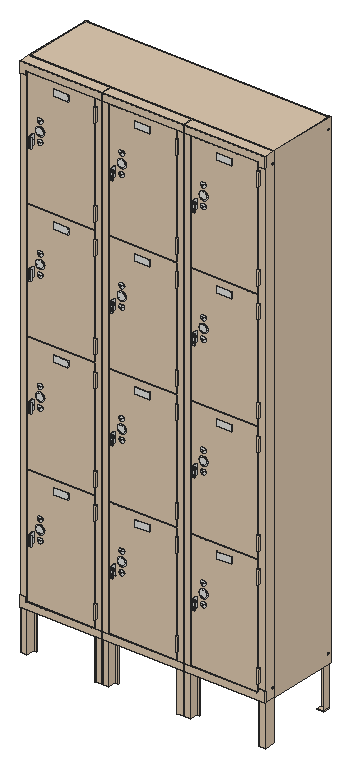
Revit family "Metal_Vented_Lockers-Salsbury_Industries-74000_Series-3_Wide_Units", category Specialty Equipment, Revit 2016
Family settings
  Part Type = Normal
  Round Connector Dimension = Use Diameter
  OmniClass Number = 23.40.00.00
  OmniClass Title = Equipment and Furnishings
  Work Plane-Based = No
  Always vertical = Yes
  Cut with Voids When Loaded = No
  Shared = No
  Room Calculation Point = No
Parameters (values of type "74362 - with Standard 6" High Legs")
  Zee Base Corner - Right Side [instance] = Metal Locker Zee Base Corner : None
  Zee Base Corner - Left Side [instance] = Metal Locker Zee Base Corner : None
  Zee Base - Right Side [instance] = Metal Locker Zee Base-Right Side : None
  Zee Base - Left Side [instance] = Metal Locker Zee Base-Left Side : None
  Zee Base = Metal Locker Zee Base - 3 Wide : None
  Width = 36.040"
  Version = "2.0 (01/30/18)"
  Vent Offset = if(Depth = 12.010", 3.250", if(Depth = 15.010", 3.500", if(Depth = 18.010", 3.750", 0.000")))  # 3.250"
  Vent Configuration Height = Vents : 6 foot high vents
  Vent Array Spacing = 1.187"
  Vent Array 2 = if(Depth = 12.010", 5, if(Depth = 15.010", 7, if(Depth = 18.010", 9, 0)))  # 5
  Vent Array 1 = Vent Array 2 + 1  # 6
  Unit Height including Sloping Hood Only [instance] = 78.625"
  Unit Height = 72.000"
  URL = "www.lockers.com"
  Type Comments = "12\" Wide Vented Metal Locker - Four Tier"
  Total Door(s) Height [instance] = 69.81949"
  Sloping Top In-Line Filler - Right Side [instance] = Metal Locker Sloping Top Filler : None
  Sloping Top In-Line Filler - Left Side [instance] = Metal Locker Sloping Top Filler : None
  Sloping Top Corner Filler - Right Side [instance] = Metal Locker Sloping Corner Filler : None
  Sloping Top Corner Filler - Left Side [instance] = Metal Locker Sloping Corner Filler : None
  Sloping Hood Height = if(Depth = 12.010", 6.625", if(Depth = 15.010", 8.682", if(Depth = 18.010", 10.739", 0.000")))  # 6.625"
  Sloping Hood [instance] = Metal Locker Sloping Hood : None
  Compartment Divider Height = Individual Door Height - 0.375"  # 16.985"
  Right Side Base [instance] = Metal Locker Right Side Base : None
  Primary Structure Material [instance] = Steel - Salsbury Finish = Tan
  Overall Width including Rivets [instance] = 36.120"
  Unit Height including Base Only [instance] = 78.000"
  Overall Unit Height (including Base and Sloping Hood) [instance] = 84.625"
  OmniClass 23 Title = "Equipment and Furnishings"
  OmniClass 23 Number = "23.40.00.00"
  Model = "74362"
  MasterFormat Title = "Lockers"
  MasterFormat Number = "10 51 13"
  Manufacturer = "Salsbury Industries"
  Left Side Base [instance] = Metal Locker Left Side Base : None
  Individual Door Height = 17.360"
  Hasp Plate Rivet Material = Steel -Salsbury Finish =  Polished Steel
  Hasp Handle Material = Plastic - Salsbury Finish - Black
  Front Vertical Filler - Right [instance] = Metal Locker Front Filler : None
  Front Vertical Filler - Left [instance] = Metal Locker Front Filler : None
  Front Base [instance] = Metal Locker Front Base : None
  Flat Top In-Line Filler - Right Side [instance] = Metal Locker Flat Top Filler : None
  Flat Top In-Line Filler - Left Side [instance] = Metal Locker Flat Top Filler : None
  Flat Top Corner Filler - Right Side [instance] = Metal Locker Flat Corner Filler : None
  Flat Top Corner Filler - Left Side [instance] = Metal Locker Flat Corner Filler : None
  Individual Door Width [instance] = 33.90055"
  End Panel - Right Side [instance] = Metal Locker End Panel : None
  End Panel - Left Side [instance] = Metal Locker End Panel : None
  Door Location D1 = Vented Metal Locker Doors-12 inch with Latch Hasps : Four Tier Door - 6 foot
  Description = "3 Wide - 6 Feet High - 12 Inches Deep"
  Depth = 12.010"
  Base Height = 6.000"
  Standard Leg Base = Metal Locker Legs - 3 Wide : 6" High - 36" W x 12" D
  Assembly Code = "C1030310"
Reference planes (in)
  plane 1 "Center (Front/Back)": y = 0
  plane 2: z = 0
  plane 3 "Center (Left/Right)": x = 0
  plane 4 "Floor": z = 0
  plane 5 "Bottom of Unit": z = 6
  plane 6 "Top of Unit": z = 78
  plane 7 "Left Side of Unit": x = -18.02
  plane 8 "Right Side of Unit": x = 18.02
  plane 9 "Back of Unit": y = 6.005
  plane 10 "Front of Unit": y = -6.005
  plane 11 "Top of Sloping Hood": z = 84.625
  plane 12 "Left Rivet": x = -18.06
  plane 13 "Right Rivet": x = 18.06
  plane 14 "Right Side of Door Opening": x = 17.02
  plane 15 "Left Side of Door Opening": x = -17.02
  plane 16 "Top of Door Opening": z = 77
  plane 17 "Bottom of Door Opening": z = 7
  plane 18 "Back Edge of Front Facing": y = -4.417
  plane 19 "Front Plate Plane": y = -6.065
  plane 20 "Horizontal Center of Top Rivets": z = 76.5
  plane 21 "Horiz Center of Bottom Rivets": z = 7.5
  plane 22 "Vertical Center of Back Rivets": y = 5.505
  plane 23 "Vertical Center of Front Rivets": y = -4.755
  plane 24 "Right Align Top Filler Overlap": x = 17.435
  plane 25 "Left Align Top Filler Overlap": x = -17.435
  plane 26 "Corner Filler Align-Left": x = -18.08
  plane 27 "Corner Filler Align-Right": x = 18.08
  plane 28 "Right Side of Door": x = 16.95026
  plane 29 "Top of Door 1": z = 76.90976
  plane 30 "Bottom of Bottom Door": z = 7.09027
  plane 31 "Zee Base Offset": x = -17.669
  plane 32: x = 17.669
  plane 33 "Compartment Align 3": z = 24.985
  plane 34: x = -17.96
  plane 35: x = 17.96
  plane 36: x = -17.635
  plane 37: x = 17.635
  plane 38: y = 5.945
  plane 39: y = 5.895
  plane 40: y = 5.145
  plane 41: x = -17.9
  plane 42: x = 17.9
  plane 43: x = -17.095
  plane 44: x = 17.095
  plane 45: z = 77.94
  plane 46: z = 24.925
  plane 47: z = 23.985
  plane 48: z = 6.9204
  plane 49: z = 6.18539
  plane 50: z = 76.40796
  plane 51: z = 7.59204
  plane 52 "Right Side of Center Unit": x = 6.00667
  plane 53 "Left Side of Center Unit": x = -6.00667
  plane 54: x = 6.98167
  plane 55 "Left Side of Door Opening-Right Door": x = 7.00667
  plane 56: x = 5.03167
  plane 57 "Right Side of Door Opening-Center Door": x = 5.00667
  plane 58 "Right Side of Door - Center Door": x = 4.93667
  plane 59: x = -5.03167
  plane 60 "Left Side of Door Opening - Center Door": x = -5.00667
  plane 61: x = -6.98167
  plane 62 "Right Side of Door Opening - Left Door": x = -7.00667
  plane 63 "Right Side of Door - Left Door": x = -7.07667
  plane 64: z = 23.985
  plane 65 "Top of Door Row 3": z = 24.45027
  plane 66 "Bottom of Door Row 2": z = 24.57576
  plane 67 "Top of Door Row 2": z = 41.93576
  plane 68: z = 42.06276
  plane 69 "Compartment Align 2": z = 42.43527
  plane 70: z = 42.37527
  plane 71: z = 41.43527
  plane 72: z = 53.22076
  plane 73: z = 59.42276
  plane 74: z = 59.54976
  plane 75: z = 58.92076
  plane 76: z = 59.86076
  plane 77 "Compartment Align 1": z = 59.92076
  plane 78: z = 70.70625
  plane 79 "Front Vent Align": y = -2.755
  plane 80: y = -2.385
  plane 81: y = -1.791
  plane 82 "Top Vent Align": z = 73.562
  plane 83: z = 72.81
  plane 84: z = 71.97
Forms (in)
  Sweep 1, solid, material "Steel - Salsbury Finish = Tan" <- "Primary Structure Material"
    path origin (0, -6.005, 0) x (1, 0, 0) y (0, 0, 1)
      loop
        line (6.00667, 78) -> (6.00667, 6) -> (18.02, 6) -> (18.02, 78) -> (6.00667, 78)
    profile origin (12.01333, -6.005, 78) x (0, 0, 1) y (0, -1, 0)
      loop
        line (0, 0) -> (-1, 0) -> (-1, -1.588) -> (0, -1.588) -> (0, 0)
  Extrusion 2, solid, material "Steel - Salsbury Finish = Tan" <- "Primary Structure Material"
    sketch origin (0, 0, 6) x (0, -1, 0) y (1, 0, 0)
      loop
        line (4.417, 18.02) -> (-6.005, 18.02) -> (-6.005, 17.635) -> (-5.945, 17.635) -> (-5.945, 17.96) -> (4.417, 17.96) -> (4.417, 18.02)
    from 0 to 72
  Extrusion 3, solid, material "Steel - Salsbury Finish = Tan" <- "Primary Structure Material"
    sketch origin (0, 0, 6) x (0, -1, 0) y (1, 0, 0)
      loop
        line (4.417, -18.02) -> (4.417, -17.96) -> (-5.945, -17.96) -> (-5.945, -17.635) -> (-6.005, -17.635) -> (-6.005, -18.02) -> (4.417, -18.02)
    from 0 to 72
  Extrusion 4, solid, material "Steel - Salsbury Finish = Tan" <- "Primary Structure Material"
    sketch origin (0, 0, 6) x (0, -1, 0) y (1, 0, 0)
      loop
        line (-5.945, -17.96) -> (-5.145, -17.96) -> (-5.145, -17.9) -> (-5.895, -17.9) -> (-5.895, 17.9) -> (-5.145, 17.9) -> (-5.145, 17.96) -> (-5.945, 17.96) -> (-5.945, -17.96)
    from 0 to 72
  Sweep 5, solid, material "Steel - Salsbury Finish = Tan" <- "Primary Structure Material"
    path origin (0, 0, 7) x (0, -1, 0) y (1, 0, 0)
      loop
        line (4.417, -17.96) -> (4.417, 17.96) -> (-5.145, 17.96) -> (-5.145, 17.9) -> (-5.895, 17.9) -> (-5.895, -17.9) -> (-5.145, -17.9) -> (-5.145, -17.96) -> (4.417, -17.96)
    profile origin (-17.96, 0.364, 7) x (-1, 0, 0) y (0, 0, 1)
      loop
        line (0, -0.81461) -> (0, -0.0796) -> (-0.06, -0.0796) -> (-0.06, -0.81461) -> (0, -0.81461)
  Extrusion 6, solid, material "Steel - Salsbury Finish = Tan" <- "Primary Structure Material"
    sketch origin (0, 0, 7) x (0, -1, 0) y (1, 0, 0)
      loop
        line (-5.895, -17.9) -> (-5.145, -17.9) -> (-5.145, -17.96) -> (4.417, -17.96) -> (4.417, 17.96) -> (-5.145, 17.96) -> (-5.145, 17.9) -> (-5.895, 17.9) -> (-5.895, -17.9)
    from -0.0796 to 0
  Extrusion 7, solid, material "Steel - Salsbury Finish = Tan" <- "Primary Structure Material"
    sketch origin (0, 0, 78) x (0, -1, 0) y (1, 0, 0)
      loop
        line (-5.895, -17.9) -> (-5.145, -17.9) -> (-5.145, -17.96) -> (4.417, -17.96) -> (4.417, 17.96) -> (-5.145, 17.96) -> (-5.145, 17.9) -> (-5.895, 17.9) -> (-5.895, -17.9)
    from -0.06 to 0
  Extrusion 8, solid, material "Steel - Salsbury Finish = Tan" <- "Primary Structure Material"
    sketch origin (0, -6.065, 0) x (0, 0, -1) y (1, 0, 0)
      loop
        line (-78, -18.02) -> (-76.47656, -18.02)
        arc (-76.47656, -18.02) -> (-76.42806, -17.99991) -> (-76.40796, -17.9514) r 0.0686
        line (-76.40796, -17.9514) -> (-76.40796, -17.16351)
        arc (-76.40796, -17.16351) -> (-76.42809, -17.11506) -> (-76.47656, -17.095) r 0.0686
        line (-76.47656, -17.095) -> (-77, -17.095) -> (-77, 17.095) -> (-76.47656, 17.095)
        arc (-76.47656, 17.095) -> (-76.42809, 17.11506) -> (-76.40796, 17.16351) r 0.0686
        line (-76.40796, 17.16351) -> (-76.40796, 17.9514)
        arc (-76.40796, 17.9514) -> (-76.42806, 17.99991) -> (-76.47656, 18.02) r 0.0686
        line (-76.47656, 18.02) -> (-78, 18.02) -> (-78, -18.02)
    from -0.06 to 0
  Extrusion 9, solid, material "Steel - Salsbury Finish = Tan" <- "Primary Structure Material"
    sketch origin (0, -6.065, 84) x (0, 0, 1) y (-1, 0, 0)
      loop
        line (-78, 18.02) -> (-78, -18.02) -> (-76.47656, -18.02)
        arc (-76.47656, -18.02) -> (-76.42806, -17.99991) -> (-76.40796, -17.9514) r 0.0686
        line (-76.40796, -17.9514) -> (-76.40796, -17.16351)
        arc (-76.40796, -17.16351) -> (-76.42809, -17.11506) -> (-76.47656, -17.095) r 0.0686
        line (-76.47656, -17.095) -> (-77, -17.095) -> (-77, 17.095) -> (-76.47656, 17.095)
        arc (-76.47656, 17.095) -> (-76.42809, 17.11506) -> (-76.40796, 17.16351) r 0.0686
        line (-76.40796, 17.16351) -> (-76.40796, 17.9514)
        arc (-76.40796, 17.9514) -> (-76.42806, 17.99991) -> (-76.47656, 18.02) r 0.0686
        line (-76.47656, 18.02) -> (-78, 18.02)
    from -0.06 to 0
  Blend 10, solid, material "Steel -Salsbury Finish =  Polished Steel" <- "Hasp Plate Rivet Material"
    base sketch origin (18.02, 0, 0) x (0, 0, -1) y (0, -1, 0)
      loop
        circle (-76.5, 4.755) r 0.187
    top sketch origin (18.02, 0, 0) x (0, 0, -1) y (0, -1, 0)
      loop
        circle (-76.5, 4.755) r 0.05319
    from 0 to -0.04
  Blend 11, solid, material "Steel -Salsbury Finish =  Polished Steel" <- "Hasp Plate Rivet Material"
    base sketch origin (18.02, 0, -69) x (0, 0, -1) y (0, -1, 0)
      loop
        circle (-76.5, 4.755) r 0.187
    top sketch origin (18.02, 0, -69) x (0, 0, -1) y (0, -1, 0)
      loop
        circle (-76.5, 4.755) r 0.05319
    from 0 to -0.04
  Blend 12, solid, material "Steel -Salsbury Finish =  Polished Steel" <- "Hasp Plate Rivet Material"
    base sketch origin (18.02, 10.26, -69) x (0, 0, -1) y (0, -1, 0)
      loop
        circle (-76.5, 4.755) r 0.187
    top sketch origin (18.02, 10.26, -69) x (0, 0, -1) y (0, -1, 0)
      loop
        circle (-76.5, 4.755) r 0.05319
    from 0 to -0.04
  Blend 13, solid, material "Steel -Salsbury Finish =  Polished Steel" <- "Hasp Plate Rivet Material"
    base sketch origin (18.02, 10.26, 0.0043) x (0, 0, -1) y (0, -1, 0)
      loop
        circle (-76.5, 4.755) r 0.187
    top sketch origin (18.02, 10.26, 0.0043) x (0, 0, -1) y (0, -1, 0)
      loop
        circle (-76.5, 4.755) r 0.05319
    from 0 to -0.04
  Blend 14, solid, material "Steel -Salsbury Finish =  Polished Steel" <- "Hasp Plate Rivet Material"
    base sketch origin (-6.02, 0, -69) x (0, 0, -1) y (0, 1, 0)
      loop
        circle (-76.5, -4.755) r 0.187
    top sketch origin (-6.02, 0, -69) x (0, 0, -1) y (0, 1, 0)
      loop
        circle (-76.5, -4.755) r 0.05319
    from -12 to -12.04
  Blend 15, solid, material "Steel -Salsbury Finish =  Polished Steel" <- "Hasp Plate Rivet Material"
    base sketch origin (-6.02, 10.26, -69) x (0, 0, -1) y (0, 1, 0)
      loop
        circle (-76.5, -4.755) r 0.187
    top sketch origin (-6.02, 10.26, -69) x (0, 0, -1) y (0, 1, 0)
      loop
        circle (-76.5, -4.755) r 0.05319
    from -12 to -12.04
  Blend 16, solid, material "Steel -Salsbury Finish =  Polished Steel" <- "Hasp Plate Rivet Material"
    base sketch origin (-6.02, 0, 0) x (0, 0, -1) y (0, 1, 0)
      loop
        circle (-76.5, -4.755) r 0.187
    top sketch origin (-6.02, 0, 0) x (0, 0, -1) y (0, 1, 0)
      loop
        circle (-76.5, -4.755) r 0.05319
    from -12 to -12.04
  Blend 17, solid, material "Steel -Salsbury Finish =  Polished Steel" <- "Hasp Plate Rivet Material"
    base sketch origin (-6.02, 10.26, 0.00039) x (0, 0, -1) y (0, 1, 0)
      loop
        circle (-76.5, -4.755) r 0.187
    top sketch origin (-6.02, 10.26, 0.00039) x (0, 0, -1) y (0, 1, 0)
      loop
        circle (-76.5, -4.755) r 0.05319
    from -12 to -12.04
  Extrusion 18, solid, material "Steel - Salsbury Finish = Tan" <- "Primary Structure Material"
    sketch origin (0, 0, 24.985) x (0, -1, 0) y (1, 0, 0)
      loop
        line (-5.895, -17.9) -> (-5.145, -17.9) -> (-5.145, -17.96) -> (4.417, -17.96) -> (4.417, 17.96) -> (-5.145, 17.96) -> (-5.145, 17.9) -> (-5.895, 17.9) -> (-5.895, -17.9)
    from -0.06 to 0
  Sweep 19, solid, material "Steel - Salsbury Finish = Tan" <- "Primary Structure Material"
    path origin (0, 0, 24.985) x (0, -1, 0) y (1, 0, 0)
      loop
        line (4.417, -17.96) -> (4.417, 17.96) -> (-5.145, 17.96) -> (-5.145, 17.9) -> (-5.895, 17.9) -> (-5.895, -17.9) -> (-5.145, -17.9) -> (-5.145, -17.96) -> (4.417, -17.96)
    profile origin (-17.96, 0.364, 24.985) x (-1, 0, 0) y (0, 0, 1)
      loop
        line (0, -1) -> (0, -0.06) -> (-0.06, -0.06) -> (-0.06, -1) -> (0, -1)
  Sweep 20, solid, material "Steel - Salsbury Finish = Tan" <- "Primary Structure Material"
    path origin (-12.01333, -6.005, 0) x (1, 0, 0) y (0, 0, 1)
      loop
        line (6.00667, 78) -> (6.00667, 6) -> (18.02, 6) -> (18.02, 78) -> (6.00667, 78)
    profile origin (0, -6.005, 78) x (0, 0, 1) y (0, -1, 0)
      loop
        line (0, 0) -> (-1, 0) -> (-1, -1.588) -> (0, -1.588) -> (0, 0)
  Sweep 21, solid, material "Steel - Salsbury Finish = Tan" <- "Primary Structure Material"
    path origin (-24.02667, -6.005, 0) x (1, 0, 0) y (0, 0, 1)
      loop
        line (6.00667, 78) -> (6.00667, 6) -> (18.02, 6) -> (18.02, 78) -> (6.00667, 78)
    profile origin (-12.01333, -6.005, 78) x (0, 0, 1) y (0, -1, 0)
      loop
        line (0, 0) -> (-1, 0) -> (-1, -1.588) -> (0, -1.588) -> (0, 0)
  Extrusion 22, solid, material "Steel - Salsbury Finish = Tan" <- "Primary Structure Material"
    sketch origin (0, 0, 42.43527) x (0, -1, 0) y (1, 0, 0)
      loop
        line (-5.945, -17.9) -> (-5.145, -17.9) -> (-5.145, -17.96) -> (4.417, -17.96) -> (4.417, 17.96) -> (-5.145, 17.96) -> (-5.145, 17.9) -> (-5.945, 17.9) -> (-5.945, -17.9)
    from -0.06 to 0
  Sweep 23, solid, material "Steel - Salsbury Finish = Tan" <- "Primary Structure Material"
    path origin (0, 0, 42.43527) x (0, -1, 0) y (1, 0, 0)
      loop
        line (4.417, -17.96) -> (4.417, 17.96) -> (-5.145, 17.96) -> (-5.145, 17.9) -> (-5.945, 17.9) -> (-5.945, -17.9) -> (-5.145, -17.9) -> (-5.145, -17.96) -> (4.417, -17.96)
    profile origin (-17.96, 0.364, 42.43527) x (-1, 0, 0) y (0, 0, 1)
      loop
        line (0, -1) -> (0, -0.06) -> (-0.06, -0.06) -> (-0.06, -1) -> (0, -1)
  Extrusion 24, solid, material "Steel - Salsbury Finish = Tan" <- "Primary Structure Material"
    sketch origin (0, 0, 59.92076) x (0, -1, 0) y (1, 0, 0)
      loop
        line (-5.945, -17.9) -> (-5.145, -17.9) -> (-5.145, -17.96) -> (4.417, -17.96) -> (4.417, 17.96) -> (-5.145, 17.96) -> (-5.145, 17.9) -> (-5.945, 17.9) -> (-5.945, -17.9)
    from -0.06 to 0
  Sweep 25, solid, material "Steel - Salsbury Finish = Tan" <- "Primary Structure Material"
    path origin (0, 0, 59.92076) x (0, -1, 0) y (1, 0, 0)
      loop
        line (4.417, -17.96) -> (4.417, 17.96) -> (-5.145, 17.96) -> (-5.145, 17.9) -> (-5.945, 17.9) -> (-5.945, -17.9) -> (-5.145, -17.9) -> (-5.145, -17.96) -> (4.417, -17.96)
    profile origin (-17.96, 0.364, 59.92076) x (-1, 0, 0) y (0, 0, 1)
      loop
        line (0, -1) -> (0, -0.06) -> (-0.06, -0.06) -> (-0.06, -1) -> (0, -1)
Lines and regions (in)
  reference lines
    curve 1: line (-41.59242, -6.065, 78) -> (48.15758, -6.065, 78)
  symbolic lines
    curve 2: line (-18.02, 6.005, 78) -> (18.02, 6.005, 78)
    curve 3: line (-18.02, -6.065, 78) -> (-18.02, 6.005, 78)
    curve 4: line (18.02, -6.065, 78) -> (-18.02, -6.065, 78)
    curve 5: line (18.02, 6.005, 78) -> (18.02, -6.065, 78)
    curve 6: line (-18.06, -4.80819, 78) -> (-18.02, -4.91809, 78)
    curve 7: line (-18.02, -4.58043, 78) -> (-18.06, -4.70181, 78)
    curve 8: line (-18.06, -4.80819, 78) -> (-18.06, -4.70181, 78)
    curve 9: line (-18.06, 5.45181, 78) -> (-18.02, 5.31077, 78)
    curve 10: line (-18.06, 5.55819, 78) -> (-18.02, 5.68474, 78)
    curve 11: line (-18.06, 5.55819, 78) -> (-18.06, 5.45181, 78)
    curve 12: line (18.06, 5.55819, 78) -> (18.02, 5.70747, 78)
    curve 13: line (18.06, 5.45181, 78) -> (18.02, 5.3179, 78)
    curve 14: line (18.06, 5.55819, 78) -> (18.06, 5.45181, 78)
    curve 15: line (18.06, -4.70181, 78) -> (18.02, -4.57098, 78)
    curve 16: line (18.06, -4.80819, 78) -> (18.02, -4.94769, 78)
    curve 17: line (18.06, -4.70181, 78) -> (18.06, -4.80819, 78)
  model lines
    curve 18: line (6.00667, 6.005, 6) -> (6.00667, 6.005, 78)
    curve 19: line (-6.00667, 6.005, 6) -> (-6.00667, 6.005, 78)
    curve 20: line (-6.00667, 5.945, 78) -> (-6.00667, -6.065, 78)
    curve 21: line (6.00667, 5.945, 78) -> (6.00667, -6.065, 78)
Dimensions and locks (in)
  equal spacing: plane 7 "Left Side of Unit", plane 53 "Left Side of Center Unit", plane 52 "Right Side of Center Unit", plane 8 "Right Side of Unit"
  "Width": plane 7 "Left Side of Unit" to plane 8 "Right Side of Unit"
  "Base Height": plane 5 "Bottom of Unit" to plane 4 "Floor"
  "Unit Height": plane 6 "Top of Unit" to plane 5 "Bottom of Unit"
  "Unit Height including Base Only": plane 6 "Top of Unit" to plane 4 "Floor"
  equal spacing: plane 10 "Front of Unit", plane 1 "Center (Front/Back)", plane 9 "Back of Unit"
  "Depth": plane 10 "Front of Unit" to plane 9 "Back of Unit"
  "Sloping Hood Height": plane 11 "Top of Sloping Hood" to plane 6 "Top of Unit"
  "Overall Unit Height (including Base and Sloping Hood)": plane 11 "Top of Sloping Hood" to plane 4 "Floor"
  locked: plane 12 "Left Rivet" to plane 7 "Left Side of Unit" at 0.04
  locked: plane 8 "Right Side of Unit" to plane 13 "Right Rivet" at 0.04
  "Overall Width including Rivets": plane 12 "Left Rivet" to plane 13 "Right Rivet"
  plane 6 "Top of Unit" to plane 16 "Top of Door Opening" to plane 29 "Top of Door 1" to plane 50 = 1.000" locked, 0.09024", 0.5018"
  plane 51 to plane 30 "Bottom of Bottom Door" to plane 17 "Bottom of Door Opening" to plane 5 "Bottom of Unit" = 0.50177", 0.09027", 1.000" locked
  locked: plane 7 "Left Side of Unit" to plane 15 "Left Side of Door Opening" at 1
  plane 28 "Right Side of Door" to plane 14 "Right Side of Door Opening" to plane 8 "Right Side of Unit" = 0.06974", 1.000" locked
  plane 19 "Front Plate Plane" to plane 10 "Front of Unit" to plane 18 "Back Edge of Front Facing" = 0.060" locked, 1.588" locked
  "Unit Height including Sloping Hood Only": plane 11 "Top of Sloping Hood" to plane 5 "Bottom of Unit"
  locked: plane 20 "Horizontal Center of Top Rivets" to plane 6 "Top of Unit" at 1.5
  locked: plane 5 "Bottom of Unit" to plane 21 "Horiz Center of Bottom Rivets" at 1.5
  locked: plane 22 "Vertical Center of Back Rivets" to plane 9 "Back of Unit" at 0.5
  locked: plane 10 "Front of Unit" to plane 23 "Vertical Center of Front Rivets" at 1.25
  locked: plane 24 "Right Align Top Filler Overlap" to plane 13 "Right Rivet" at 0.625
  locked: plane 12 "Left Rivet" to plane 25 "Left Align Top Filler Overlap" at 0.625
  locked: plane 8 "Right Side of Unit" to plane 27 "Corner Filler Align-Right" at 0.06
  locked: plane 26 "Corner Filler Align-Left" to plane 7 "Left Side of Unit" at 0.06
  "Total Door(s) Height": plane 29 "Top of Door 1" to plane 30 "Bottom of Bottom Door"
  plane 7 "Left Side of Unit" to plane 31 "Zee Base Offset" = 0.351"
  plane 32 to plane 8 "Right Side of Unit" = 0.351"
  plane 33 "Compartment Align 3" to plane 46 to plane 64 = 0.060" locked, 0.940" locked
  plane 7 "Left Side of Unit" to plane 34 to plane 41 to plane 36 = 0.060" locked, 0.060" locked, 0.265" locked
  plane 37 to plane 42 to plane 35 to plane 8 "Right Side of Unit" = 0.265" locked, 0.060", 0.060"
  plane 40 to plane 39 to plane 38 to plane 9 "Back of Unit" = 0.750" locked, 0.050", 0.060"
  locked: plane 7 "Left Side of Unit" to plane 43 at 0.925
  locked: plane 44 to plane 8 "Right Side of Unit" at 0.925
  locked: plane 6 "Top of Unit" to plane 45 at 0.06
  plane 46 to plane 47 = 0.940"
  locked: plane 17 "Bottom of Door Opening" to plane 48 at 0.0796
  plane 48 to plane 49 = 0.73501"
  plane 58 "Right Side of Door - Center Door" to plane 57 "Right Side of Door Opening-Center Door" to plane 56 to plane 52 "Right Side of Center Unit" to plane 54 to plane 55 "Left Side of Door Opening-Right Door" = 0.070", 0.025", 0.975", 0.975", 0.025"
  plane 63 "Right Side of Door - Left Door" to plane 62 "Right Side of Door Opening - Left Door" to plane 61 to plane 53 "Left Side of Center Unit" to plane 59 to plane 60 "Left Side of Door Opening - Center Door" = 0.070", 0.025", 0.975", 0.975", 0.025"
  "Individual Door Height": plane 65 "Top of Door Row 3" to plane 30 "Bottom of Bottom Door"
  "Compartment Divider Height": plane 64 to plane 17 "Bottom of Door Opening"
  locked: plane 66 "Bottom of Door Row 2" to plane 65 "Top of Door Row 3" at 0.12549
  "Individual Door Height": plane 67 "Top of Door Row 2" to plane 66 "Bottom of Door Row 2"
  locked: plane 68 to plane 67 "Top of Door Row 2" at 0.127
  plane 69 "Compartment Align 2" to plane 70 to plane 71 = 0.060" locked, 0.940" locked
  "Compartment Divider Height": plane 71 to plane 65 "Top of Door Row 3"
  "Individual Door Height": plane 73 to plane 68
  locked: plane 74 to plane 73 at 0.127
  "Compartment Divider Height": plane 75 to plane 67 "Top of Door Row 2"
  plane 77 "Compartment Align 1" to plane 76 to plane 75 = 0.060" locked, 0.940" locked
  "Vent Offset": plane 10 "Front of Unit" to plane 79 "Front Vent Align"
  plane 79 "Front Vent Align" to plane 80 to plane 81 = 0.370" locked, 0.594" locked
  plane 82 "Top Vent Align" to plane 6 "Top of Unit" = 4.438"
  plane 84 to plane 83 to plane 82 "Top Vent Align" = 0.840", 0.752"
  equal spacing: group 1, group 2, group 3, group 4, group 5, group 6  (x3)
  equal spacing: group 7, group 8, group 9, group 10, group 11  (x3)
  "Vent Array Spacing": nested 36 to nested 37
  "Vent Array Spacing": nested 35 to nested 42
  equal spacing: group 12, group 13, group 14, group 15, group 16, group 17  (x3)
  equal spacing: group 18, group 19, group 20, group 21, group 22  (x3)
  "Vent Array Spacing": nested 48 to nested 46
  "Vent Array Spacing": nested 53 to nested 47
  aligned and locked: level to plane 2
  aligned and locked: Extrusion 2 to plane 6 "Top of Unit"
  aligned and locked: Extrusion 3 to plane 6 "Top of Unit"
  aligned and locked: Extrusion 4 to plane 6 "Top of Unit"
  aligned and locked: Extrusion 8 to plane 10 "Front of Unit"
  aligned and locked: Extrusion 9 to plane 10 "Front of Unit"
  aligned and locked: Extrusion 6 to plane 17 "Bottom of Door Opening"
  aligned and locked: plane 4 "Floor" to nested 2
  aligned and locked: plane 5 "Bottom of Unit" to Extrusion 9
  aligned and locked: plane 8 "Right Side of Unit" to nested 6
  aligned and locked: plane 7 "Left Side of Unit" to nested 7
  aligned and locked: Blend 10 to plane 13 "Right Rivet"
  aligned and locked: plane 8 "Right Side of Unit" to Blend 10
  aligned and locked: Blend 15 to plane 7 "Left Side of Unit"
  aligned and locked: Blend 14 to plane 7 "Left Side of Unit"  (x2)
  aligned and locked: plane 12 "Left Rivet" to Blend 14
  aligned and locked: plane 12 "Left Rivet" to Blend 15
  aligned and locked: Blend 14 to plane 12 "Left Rivet"
  aligned and locked: Blend 17 to plane 7 "Left Side of Unit"
  aligned and locked: plane 12 "Left Rivet" to Blend 17
  aligned and locked: Blend 16 to plane 7 "Left Side of Unit"
  aligned and locked: plane 12 "Left Rivet" to Blend 16
  aligned and locked: plane 5 "Bottom of Unit" to nested 10
  aligned and locked: plane 13 "Right Rivet" to nested 10
  aligned and locked: plane 12 "Left Rivet" to nested 11
  aligned and locked: nested 11 to plane 10 "Front of Unit"
  aligned and locked: plane 13 "Right Rivet" to nested 12
  aligned and locked: plane 10 "Front of Unit" to nested 12
  aligned and locked: plane 6 "Top of Unit" to nested 12
  aligned and locked: plane 12 "Left Rivet" to nested 13
  aligned and locked: plane 10 "Front of Unit" to nested 13
  aligned and locked: plane 6 "Top of Unit" to nested 13
  aligned and locked: plane 6 "Top of Unit" to nested 14
  aligned and locked: nested 14 to plane 19 "Front Plate Plane"
  aligned and locked: nested 14 to plane 24 "Right Align Top Filler Overlap"
  aligned and locked: nested 15 to plane 25 "Left Align Top Filler Overlap"
  aligned and locked: nested 15 to plane 19 "Front Plate Plane"
  aligned and locked: nested 10 to nested 15
  aligned and locked: plane 19 "Front Plate Plane" to nested 16
  aligned and locked: plane 6 "Top of Unit" to nested 16
  aligned and locked: nested 17 to plane 6 "Top of Unit"
  aligned and locked: nested 17 to plane 19 "Front Plate Plane"
  aligned and locked: nested 18 to plane 24 "Right Align Top Filler Overlap"
  aligned and locked: nested 18 to plane 19 "Front Plate Plane"
  aligned and locked: plane 16 "Top of Door Opening" to nested 18
  aligned and locked: nested 19 to plane 16 "Top of Door Opening"
  aligned and locked: nested 19 to plane 25 "Left Align Top Filler Overlap"
  aligned and locked: nested 19 to plane 19 "Front Plate Plane"
  aligned and locked: nested 11 to plane 6 "Top of Unit"
  aligned and locked: plane 10 "Front of Unit" to nested 10
  aligned and locked: plane 10 "Front of Unit" to nested 22
  aligned and locked: plane 10 "Front of Unit" to nested 1
  aligned and locked: plane 10 "Front of Unit" to nested 2
  aligned and locked: plane 7 "Left Side of Unit" to nested 17
  aligned and locked: plane 31 "Zee Base Offset" to nested 9
  aligned and locked: plane 18 "Back Edge of Front Facing" to nested 9
  aligned and locked: nested 8 to plane 18 "Back Edge of Front Facing"
  aligned and locked: plane 32 to nested 8
  aligned and locked: nested 21 to curve 1
  aligned and locked: nested 20 to curve 1
  aligned and locked: Sweep 19 sketch curve to Extrusion 18
  aligned and locked: plane 7 "Left Side of Unit" to Extrusion 3
  aligned and locked: Extrusion 3 to plane 9 "Back of Unit"
  aligned and locked: Extrusion 2 to plane 8 "Right Side of Unit"
  aligned and locked: Extrusion 2 to plane 9 "Back of Unit"
  aligned and locked: plane 18 "Back Edge of Front Facing" to Extrusion 3
  aligned and locked: plane 18 "Back Edge of Front Facing" to Extrusion 2
  aligned and locked: plane 34 to Extrusion 3
  aligned and locked: plane 35 to Extrusion 2
  aligned and locked: plane 36 to Extrusion 3
  aligned and locked: plane 37 to Extrusion 2
  aligned and locked: Extrusion 3 to plane 38
  aligned and locked: plane 38 to Extrusion 2
  aligned and locked: Extrusion 4 to plane 38
  aligned and locked: Extrusion 4 to plane 39
  aligned and locked: plane 34 to Extrusion 4
  aligned and locked: plane 40 to Extrusion 4  (x2)
  aligned and locked: plane 41 to Extrusion 4
  aligned and locked: plane 42 to Extrusion 4
  aligned and locked: Extrusion 7 to plane 39
  aligned and locked: plane 41 to Extrusion 7
  aligned and locked: plane 34 to Extrusion 7  (x2)
  aligned and locked: Extrusion 7 to plane 40  (x2)
  aligned and locked: Extrusion 7 to plane 42
  aligned and locked: Extrusion 7 to plane 35  (x2)
  aligned and locked: plane 18 "Back Edge of Front Facing" to Extrusion 7
  aligned and locked: plane 18 "Back Edge of Front Facing" to Extrusion 6
  aligned and locked: Extrusion 6 to plane 39
  aligned and locked: Extrusion 6 to plane 42
  aligned and locked: Extrusion 6 to plane 40  (x2)
  aligned and locked: Extrusion 6 to plane 35
  aligned and locked: plane 41 to Extrusion 6
  aligned and locked: plane 34 to Extrusion 6
  aligned and locked: Sweep 5 to plane 39
  aligned and locked: Sweep 5 to plane 40  (x2)
  aligned and locked: Sweep 5 to plane 42
  aligned and locked: Sweep 5 to plane 35
  aligned and locked: plane 18 "Back Edge of Front Facing" to Sweep 5
  aligned and locked: plane 34 to Sweep 5
  aligned and locked: plane 41 to Sweep 5
  aligned and locked: Sweep 5 sketch curve to plane 41
  aligned and locked: Sweep 5 sketch curve to plane 39
  aligned and locked: plane 40 to Sweep 5 sketch curve  (x2)
  aligned and locked: Sweep 5 sketch curve to plane 34  (x2)
  aligned and locked: plane 42 to Sweep 5 sketch curve
  aligned and locked: plane 35 to Sweep 5 sketch curve
  aligned and locked: Sweep 5 sketch curve to plane 18 "Back Edge of Front Facing"
  aligned and locked: Extrusion 18 to plane 39
  aligned and locked: Extrusion 18 to plane 42
  aligned and locked: Extrusion 18 to plane 40  (x2)
  aligned and locked: Extrusion 18 to plane 35
  aligned and locked: plane 18 "Back Edge of Front Facing" to Extrusion 18
  aligned and locked: plane 34 to Extrusion 18
  aligned and locked: plane 41 to Extrusion 18
  aligned and locked: Sweep 19 sketch curve to plane 39
  aligned and locked: plane 42 to Sweep 19 sketch curve
  aligned and locked: plane 40 to Sweep 19 sketch curve  (x2)
  aligned and locked: plane 35 to Sweep 19 sketch curve
  aligned and locked: Sweep 19 sketch curve to plane 18 "Back Edge of Front Facing"
  aligned and locked: Sweep 19 sketch curve to plane 34  (x2)
  aligned and locked: Sweep 19 sketch curve to plane 41
  aligned and locked: plane 6 "Top of Unit" to Sweep 1 sketch curve  (x2)
  aligned and locked: plane 8 "Right Side of Unit" to Sweep 1 sketch curve
  aligned and locked: Sweep 1 sketch curve to plane 5 "Bottom of Unit"
  aligned and locked: plane 10 "Front of Unit" to Sweep 1
  aligned and locked: Extrusion 8 to plane 19 "Front Plate Plane"
  aligned and locked: plane 10 "Front of Unit" to Extrusion 8
  aligned and locked: Extrusion 8 to plane 8 "Right Side of Unit"
  aligned and locked: plane 7 "Left Side of Unit" to Extrusion 8
  aligned and locked: plane 7 "Left Side of Unit" to Extrusion 9
  aligned and locked: plane 19 "Front Plate Plane" to Extrusion 9
  aligned and locked: Extrusion 9 to plane 8 "Right Side of Unit"
  aligned and locked: plane 43 to Extrusion 9
  aligned and locked: plane 44 to Extrusion 9
  aligned and locked: plane 44 to Extrusion 8
  aligned and locked: Extrusion 8 to plane 43
  aligned and locked: plane 28 "Right Side of Door" to nested 22
  aligned and locked: plane 18 "Back Edge of Front Facing" to Sweep 1 sketch curve
  aligned and locked: Sweep 1 sketch curve to plane 16 "Top of Door Opening"
  aligned and locked: Sweep 1 sketch curve to plane 10 "Front of Unit"
  aligned and locked: plane 5 "Bottom of Unit" to Extrusion 4
  aligned and locked: Extrusion 4 to plane 35
  aligned and locked: plane 5 "Bottom of Unit" to Extrusion 3
  aligned and locked: plane 5 "Bottom of Unit" to Extrusion 2
  aligned and locked: Extrusion 7 to plane 6 "Top of Unit"
  aligned and locked: plane 45 to Extrusion 7
  aligned and locked: Extrusion 18 to plane 33 "Compartment Align 3"
  aligned and locked: Extrusion 18 to plane 46
  aligned and locked: plane 41 to Sweep 19 sketch curve
  aligned and locked: plane 47 to Sweep 19 sketch curve
  aligned and locked: Extrusion 6 to plane 48
  aligned and locked: Sweep 5 to plane 48
  aligned and locked: Sweep 5 sketch curve to plane 49
  aligned and locked: Sweep 5 sketch curve to plane 48
  aligned and locked: plane 41 to Sweep 5 sketch curve
  aligned and locked: plane 50 to Extrusion 8
  aligned and locked: Extrusion 8 to plane 50
  aligned and locked: Extrusion 8 to plane 6 "Top of Unit"
  aligned and locked: plane 16 "Top of Door Opening" to Extrusion 8
  aligned and locked: Extrusion 9 to plane 17 "Bottom of Door Opening"
  aligned and locked: plane 51 to Extrusion 9  (x2)
  aligned and locked: plane 4 "Floor" to nested 1
  aligned and locked: Blend 12 to plane 13 "Right Rivet"
  aligned and locked: plane 8 "Right Side of Unit" to Blend 12
  aligned and locked: plane 8 "Right Side of Unit" to Blend 13
  aligned and locked: Blend 13 to plane 13 "Right Rivet"
  aligned and locked: plane 8 "Right Side of Unit" to Blend 11
  aligned and locked: Blend 11 to plane 13 "Right Rivet"
  aligned and locked: nested 21 to curve 3
  aligned and locked: curve 4 to Extrusion 8
  aligned and locked: curve 5 to Extrusion 8
  aligned and locked: curve 8 to Blend 14
  aligned and locked: curve 11 to Blend 15
  aligned and locked: curve 14 to Blend 12
  aligned and locked: curve 17 to Blend 10
  aligned and locked: plane 8 "Right Side of Unit" to nested 20
  aligned and locked: plane 7 "Left Side of Unit" to nested 21
  aligned and locked: Sweep 1 sketch curve to plane 52 "Right Side of Center Unit"
  aligned and locked: plane 6 "Top of Unit" to Sweep 20 sketch curve
  aligned and locked: Sweep 20 sketch curve to plane 5 "Bottom of Unit"
  aligned and locked: Sweep 21 sketch curve to plane 5 "Bottom of Unit"
  aligned and locked: plane 53 "Left Side of Center Unit" to Sweep 21 sketch curve
  aligned and locked: Sweep 21 sketch curve to plane 7 "Left Side of Unit"
  aligned and locked: plane 6 "Top of Unit" to Sweep 21 sketch curve
  aligned and locked: Sweep 20 sketch curve to plane 53 "Left Side of Center Unit"
  aligned and locked: plane 52 "Right Side of Center Unit" to Sweep 20 sketch curve
  aligned and locked: plane 10 "Front of Unit" to nested 24
  aligned and locked: plane 18 "Back Edge of Front Facing" to Sweep 20 sketch curve
  aligned and locked: Sweep 20 sketch curve to plane 16 "Top of Door Opening"
  aligned and locked: profile plane to Sweep 20 sketch curve
  aligned and locked: Sweep 20 sketch curve to profile plane
  aligned and locked: profile plane to Sweep 21 sketch curve
  aligned and locked: plane 18 "Back Edge of Front Facing" to Sweep 21 sketch curve
  aligned and locked: Sweep 21 sketch curve to plane 16 "Top of Door Opening"
  aligned and locked: Sweep 21 sketch curve to profile plane
  aligned and locked: plane 58 "Right Side of Door - Center Door" to nested 23
  aligned and locked: plane 63 "Right Side of Door - Left Door" to nested 24
  aligned and locked: nested 23 to plane 30 "Bottom of Bottom Door"
  aligned and locked: nested 24 to plane 30 "Bottom of Bottom Door"
  aligned and locked: plane 4 "Floor" to nested 5
  aligned and locked: plane 8 "Right Side of Unit" to nested 5
  aligned and locked: plane 9 "Back of Unit" to nested 6
  aligned and locked: plane 9 "Back of Unit" to nested 7
  aligned and locked: plane 52 "Right Side of Center Unit" to curve 18
  aligned and locked: plane 53 "Left Side of Center Unit" to curve 19
  aligned and locked: plane 5 "Bottom of Unit" to curve 19
  aligned and locked: plane 5 "Bottom of Unit" to curve 18
  aligned and locked: plane 6 "Top of Unit" to curve 18
  aligned and locked: plane 6 "Top of Unit" to curve 19
  aligned and locked: curve 20 to Extrusion 4
  aligned and locked: curve 20 to Sweep 21
  aligned and locked: curve 21 to Sweep 20
  aligned and locked: Extrusion 4 to curve 21
  aligned and locked: Extrusion 8 to curve 20
  aligned and locked: plane 6 "Top of Unit" to nested 25
  aligned and locked: plane 19 "Front Plate Plane" to nested 25
  aligned and locked: plane 10 "Front of Unit" to nested 23
  aligned and locked: nested 22 to plane 30 "Bottom of Bottom Door"
  aligned and locked: Sweep 19 to plane 64
  aligned and locked: nested 26 to plane 66 "Bottom of Door Row 2"
  aligned and locked: nested 27 to plane 66 "Bottom of Door Row 2"
  aligned and locked: nested 28 to plane 66 "Bottom of Door Row 2"
  aligned and locked: plane 28 "Right Side of Door" to nested 26
  aligned and locked: plane 58 "Right Side of Door - Center Door" to nested 27
  aligned and locked: plane 63 "Right Side of Door - Left Door" to nested 28
  aligned and locked: plane 10 "Front of Unit" to nested 26
  aligned and locked: plane 10 "Front of Unit" to nested 27
  aligned and locked: plane 10 "Front of Unit" to nested 28
  aligned and locked: plane 68 to nested 29
  aligned and locked: nested 30 to plane 68
  aligned and locked: nested 31 to plane 68
  aligned and locked: Extrusion 22 to Sweep 23 sketch curve
  aligned and locked: plane 70 to Extrusion 22
  aligned and locked: Extrusion 22 to plane 69 "Compartment Align 2"
  aligned and locked: Sweep 23 sketch curve to plane 71
  aligned and locked: plane 28 "Right Side of Door" to nested 29
  aligned and locked: plane 58 "Right Side of Door - Center Door" to nested 30
  aligned and locked: plane 63 "Right Side of Door - Left Door" to nested 31
  aligned and locked: plane 10 "Front of Unit" to nested 29
  aligned and locked: plane 10 "Front of Unit" to nested 30
  aligned and locked: plane 10 "Front of Unit" to nested 31
  aligned and locked: Sweep 23 to Extrusion 22  (x2)
  aligned and locked: plane 18 "Back Edge of Front Facing" to Extrusion 22
  aligned and locked: Extrusion 22 to nested 5  (x2)
  aligned and locked: Extrusion 22 to Sweep 23  (x2)
  aligned and locked: Sweep 23 sketch curve to plane 18 "Back Edge of Front Facing"
  aligned and locked: plane 35 to Sweep 23 sketch curve
  aligned and locked: plane 42 to Sweep 23 sketch curve
  aligned and locked: Sweep 23 sketch curve to plane 34
  aligned and locked: Sweep 23 sketch curve to plane 41
  aligned and locked: Sweep 23 sketch curve to plane 38
  aligned and locked: plane 74 to nested 32
  aligned and locked: nested 33 to plane 74
  aligned and locked: nested 34 to plane 74
  aligned and locked: plane 28 "Right Side of Door" to nested 32
  aligned and locked: plane 58 "Right Side of Door - Center Door" to nested 33
  aligned and locked: plane 63 "Right Side of Door - Left Door" to nested 34
  aligned and locked: plane 10 "Front of Unit" to nested 32
  aligned and locked: plane 10 "Front of Unit" to nested 33
  aligned and locked: plane 10 "Front of Unit" to nested 34
  aligned and locked: Extrusion 24 to Sweep 25 sketch curve
  aligned and locked: Sweep 25 to Extrusion 24  (x2)
  aligned and locked: Extrusion 24 to Sweep 25  (x2)
  aligned and locked: Extrusion 24 to plane 77 "Compartment Align 1"
  aligned and locked: plane 76 to Extrusion 24
  aligned and locked: Extrusion 24 to plane 38
  aligned and locked: plane 18 "Back Edge of Front Facing" to Extrusion 24
  aligned and locked: plane 41 to Extrusion 24
  aligned and locked: Extrusion 24 to plane 42
  aligned and locked: Extrusion 24 to plane 35
  aligned and locked: Sweep 25 sketch curve to plane 34
  aligned and locked: Sweep 25 sketch curve to plane 41
  aligned and locked: Sweep 25 sketch curve to plane 18 "Back Edge of Front Facing"
  aligned and locked: plane 35 to Sweep 25 sketch curve
  aligned and locked: plane 42 to Sweep 25 sketch curve
  aligned and locked: Sweep 25 sketch curve to plane 38
  aligned and locked: Sweep 25 sketch curve to plane 75
  aligned and locked: Extrusion 24 sketch curve to plane 40  (x2)
  aligned and locked: plane 40 to Sweep 25 sketch curve  (x2)
  aligned and locked: Extrusion 22 sketch curve to plane 38
  aligned and locked: Extrusion 22 sketch curve to plane 40  (x2)
  aligned and locked: plane 40 to Sweep 23 sketch curve  (x2)
  aligned and locked: Extrusion 18 sketch curve to plane 39
  aligned and locked: Extrusion 18 sketch curve to plane 40  (x2)
  aligned and locked: plane 9 "Back of Unit" to curve 2
  aligned and locked: nested 36 to plane 8 "Right Side of Unit"
  aligned and locked: nested 35 to plane 8 "Right Side of Unit"
  aligned and locked: plane 84 to nested 36
  aligned and locked: nested 36 to plane 80
  aligned and locked: plane 83 to nested 35
  aligned and locked: nested 35 to plane 81
  aligned and locked: nested 45 to plane 8 "Right Side of Unit"
  aligned and locked: nested 41 to plane 8 "Right Side of Unit"
  aligned and locked: plane 83 to nested 45
  aligned and locked: plane 84 to nested 41
  aligned and locked: nested 47 to plane 7 "Left Side of Unit"
  aligned and locked: nested 46 to plane 7 "Left Side of Unit"
  aligned and locked: nested 46 to plane 84
  aligned and locked: plane 80 to nested 46
  aligned and locked: nested 47 to plane 83
  aligned and locked: plane 81 to nested 47
  aligned and locked: nested 56 to plane 7 "Left Side of Unit"
  aligned and locked: nested 52 to plane 7 "Left Side of Unit"
  aligned and locked: nested 56 to plane 83
  aligned and locked: nested 52 to plane 84
Automatic sketch dimensions
  Extrusion 2 sketch curve to plane 8 "Right Side of Unit" = 0.000"
  plane 9 "Back of Unit" to Extrusion 2 sketch curve = 0.000"
  Extrusion 2 sketch curve to plane 37 = 0.000"
  plane 38 to Extrusion 2 sketch curve = 0.000"
  plane 18 "Back Edge of Front Facing" to Extrusion 2 sketch curve = 0.000"
  Extrusion 2 sketch curve to plane 35 = 0.000"
  Extrusion 3 sketch curve to plane 7 "Left Side of Unit" = 0.000"
  plane 9 "Back of Unit" to Extrusion 3 sketch curve = 0.000"
  Extrusion 3 sketch curve to plane 36 = 0.000"
  Extrusion 3 sketch curve to plane 38 = 0.000"
  plane 18 "Back Edge of Front Facing" to Extrusion 3 sketch curve = 0.000"
  Extrusion 3 sketch curve to plane 34 = 0.000"
  Extrusion 4 sketch curve to plane 34 = 0.000"
  Extrusion 4 sketch curve to plane 38 = 0.000"
  Extrusion 4 sketch curve to plane 39 = 0.000"
  plane 40 to Extrusion 4 sketch curve = 0.000"
  Extrusion 4 sketch curve to plane 40 = 0.000"
  Extrusion 4 sketch curve to plane 41 = 0.000"
  Extrusion 4 sketch curve to plane 42 = 0.000"
  Extrusion 4 sketch curve to plane 35 = 0.000"
  Extrusion 6 sketch curve to plane 39 = 0.000"
  Extrusion 6 sketch curve to plane 34 = 0.000"
  Extrusion 6 sketch curve to plane 40 = 0.000"
  plane 40 to Extrusion 6 sketch curve = 0.000"
  plane 18 "Back Edge of Front Facing" to Extrusion 6 sketch curve = 0.000"
  Extrusion 6 sketch curve to plane 41 = 0.000"
  Extrusion 6 sketch curve to plane 42 = 0.000"
  Extrusion 6 sketch curve to plane 35 = 0.000"
  Extrusion 7 sketch curve to plane 39 = 0.000"
  Extrusion 7 sketch curve to plane 34 = 0.000"
  Extrusion 7 sketch curve to plane 40 = 0.000"
  plane 40 to Extrusion 7 sketch curve = 0.000"
  plane 18 "Back Edge of Front Facing" to Extrusion 7 sketch curve = 0.000"
  Extrusion 7 sketch curve to plane 41 = 0.000"
  Extrusion 7 sketch curve to plane 42 = 0.000"
  Extrusion 7 sketch curve to plane 35 = 0.000"
  Extrusion 8 sketch curve to plane 6 "Top of Unit" = 0.000"
  Extrusion 8 sketch curve to plane 16 "Top of Door Opening" = 0.000"
  plane 43 to Extrusion 8 sketch curve = 0.000"
  plane 7 "Left Side of Unit" to Extrusion 8 sketch curve = 0.000"
  plane 44 to Extrusion 8 sketch curve = 0.000"
  plane 8 "Right Side of Unit" to Extrusion 8 sketch curve = 0.000"
  Extrusion 8 sketch curve to plane 50 = 0.000"  (x2)
  plane 20 "Horizontal Center of Top Rivets" to Extrusion 8 sketch curve = 0.02344"  (x4)
  Extrusion 8 sketch curve to Extrusion 8 sketch curve = 0.0686"
  Extrusion 8 sketch curve to plane 44 = 0.06851"
  Extrusion 9 sketch curve to plane 5 "Bottom of Unit" = 0.000"
  Extrusion 9 sketch curve to plane 17 "Bottom of Door Opening" = 0.000"
  plane 43 to Extrusion 9 sketch curve = 0.000"
  plane 7 "Left Side of Unit" to Extrusion 9 sketch curve = 0.000"
  plane 44 to Extrusion 9 sketch curve = 0.000"
  plane 8 "Right Side of Unit" to Extrusion 9 sketch curve = 0.000"
  Extrusion 9 sketch curve to plane 51 = 0.000"  (x2)
  plane 21 "Horiz Center of Bottom Rivets" to Extrusion 9 sketch curve = 0.02344"  (x4)
  Extrusion 9 sketch curve to Extrusion 9 sketch curve = 0.0686"
  plane 44 to Extrusion 9 sketch curve = 0.06851"
  plane 20 "Horizontal Center of Top Rivets" to Blend 10 sketch curve = 0.000"  (x2)
  Blend 10 sketch curve to plane 23 "Vertical Center of Front Rivets" = 0.000"  (x2)
  plane 21 "Horiz Center of Bottom Rivets" to Blend 11 sketch curve = 0.000"  (x2)
  Blend 11 sketch curve to plane 23 "Vertical Center of Front Rivets" = 0.000"  (x2)
  plane 21 "Horiz Center of Bottom Rivets" to Blend 12 sketch curve = 0.000"  (x2)
  Blend 12 sketch curve to plane 22 "Vertical Center of Back Rivets" = 0.000"  (x2)
  Blend 13 sketch curve to plane 22 "Vertical Center of Back Rivets" = 0.000"  (x2)
  Blend 13 sketch curve to plane 20 "Horizontal Center of Top Rivets" = 0.0043"  (x2)
  plane 21 "Horiz Center of Bottom Rivets" to Blend 14 sketch curve = 0.000"  (x2)
  Blend 14 sketch curve to plane 23 "Vertical Center of Front Rivets" = 0.000"  (x2)
  plane 21 "Horiz Center of Bottom Rivets" to Blend 15 sketch curve = 0.000"  (x2)
  Blend 15 sketch curve to plane 22 "Vertical Center of Back Rivets" = 0.000"  (x2)
  plane 20 "Horizontal Center of Top Rivets" to Blend 16 sketch curve = 0.000"  (x2)
  Blend 16 sketch curve to plane 23 "Vertical Center of Front Rivets" = 0.000"  (x2)
  Blend 17 sketch curve to plane 22 "Vertical Center of Back Rivets" = 0.000"  (x2)
  Blend 17 sketch curve to plane 20 "Horizontal Center of Top Rivets" = 0.00039"  (x2)
  plane 19 "Front Plate Plane" to curve 1 = 0.000"
  plane 26 "Corner Filler Align-Left" to curve 1 = 23.51242"
  curve 1 to plane 27 "Corner Filler Align-Right" = 30.07758"
  Extrusion 18 sketch curve to plane 34 = 0.000"
  plane 18 "Back Edge of Front Facing" to Extrusion 18 sketch curve = 0.000"
  Extrusion 18 sketch curve to plane 41 = 0.000"
  Extrusion 18 sketch curve to plane 42 = 0.000"
  Extrusion 18 sketch curve to plane 35 = 0.000"
  curve 11 to plane 22 "Vertical Center of Back Rivets" = 0.05319"
  curve 14 to plane 22 "Vertical Center of Back Rivets" = 0.05319"
  plane 22 "Vertical Center of Back Rivets" to curve 13 = 0.05319"
  plane 22 "Vertical Center of Back Rivets" to curve 9 = 0.05319"
  curve 15 to plane 23 "Vertical Center of Front Rivets" = 0.05319"
  curve 8 to plane 23 "Vertical Center of Front Rivets" = 0.05319"
  plane 23 "Vertical Center of Front Rivets" to curve 6 = 0.05319"
  plane 23 "Vertical Center of Front Rivets" to curve 16 = 0.05319"
  curve 12 to curve 12 = 0.14928"
  curve 10 to curve 10 = 0.12655"
  curve 13 to curve 13 = 0.13391"
  curve 9 to curve 9 = 0.14104"
  curve 15 to curve 15 = 0.13083"
  curve 7 to curve 7 = 0.12138"
  curve 6 to curve 6 = 0.1099"
  curve 16 to curve 16 = 0.1395"
  Extrusion 22 sketch curve to plane 34 = 0.000"
  plane 18 "Back Edge of Front Facing" to Extrusion 22 sketch curve = 0.000"
  Extrusion 22 sketch curve to plane 41 = 0.000"
  Extrusion 22 sketch curve to plane 42 = 0.000"
  Extrusion 22 sketch curve to plane 35 = 0.000"
  Sweep 23 sketch curve to profile plane = 0.000"
  profile plane to Sweep 23 sketch curve = 0.060"
  Sweep 25 sketch curve to profile plane = 0.000"
  profile plane to Sweep 25 sketch curve = 0.060"
  Extrusion 24 sketch curve to plane 39 = 0.050"
  Extrusion 24 sketch curve to plane 34 = 0.000"
  Extrusion 24 sketch curve to plane 18 "Back Edge of Front Facing" = 0.000"
  Extrusion 24 sketch curve to plane 41 = 0.000"
  plane 42 to Extrusion 24 sketch curve = 0.000"
  Extrusion 24 sketch curve to plane 35 = 0.000"
  radius of Blend 10 sketch curve = 0.187"
  radius of Blend 10 sketch curve = 0.05319"
  radius of Blend 11 sketch curve = 0.187"
  radius of Blend 11 sketch curve = 0.05319"
  radius of Blend 12 sketch curve = 0.187"
  radius of Blend 12 sketch curve = 0.05319"
  radius of Blend 13 sketch curve = 0.187"
  radius of Blend 13 sketch curve = 0.05319"
  radius of Blend 14 sketch curve = 0.187"
  radius of Blend 14 sketch curve = 0.05319"
  radius of Blend 15 sketch curve = 0.187"
  radius of Blend 15 sketch curve = 0.05319"
  radius of Blend 16 sketch curve = 0.187"
  radius of Blend 16 sketch curve = 0.05319"
  radius of Blend 17 sketch curve = 0.187"
  radius of Blend 17 sketch curve = 0.05319"
Nested families (in)
  nested 1: "Metal Locker Legs - 3 Wide" at (0, 0, 0), type <- "Standard Leg Base", type "6" High - 36" W x 12" D"
  nested 2: "Metal Locker Front Base" at (0, 0, 0), type <- "Front Base", type "None"
  nested 3: "Metal Locker Right Side Base" at (0, 0.794, 0), type <- "Right Side Base", type "None"
  nested 4: "Metal Locker Left Side Base" at (-10.79, 0.794, 0), type <- "Left Side Base", type "None"
  nested 5: "Metal Locker Zee Base - 3 Wide" at (0, 0, 0), type <- "Zee Base", type "None"
  nested 6: "Metal Locker Zee Base-Right Side" at (12.03, 0.824, 0), type <- "Zee Base - Right Side", type "None"
  nested 7: "Metal Locker Zee Base-Left Side" at (-20.01, 0.824, 0), type <- "Zee Base - Left Side", type "None"
  nested 8: "Metal Locker Zee Base Corner" at (18.669, -5.417, 0), type <- "Zee Base Corner - Right Side", type "None"
  nested 9: "Metal Locker Zee Base Corner" at (-18.669, -5.417, 0) x (-1, 0, 0) z (0, 0, 1), type <- "Zee Base Corner - Left Side", type "None"
  nested 10: "Metal Locker End Panel" at (22.1925, 2.167, 6), type <- "End Panel - Right Side", type "None"
  nested 11: "Metal Locker End Panel" at (-22.1925, 2.167, 6) x (-1, 0, 0) z (0, 0, 1), type <- "End Panel - Left Side", type "None"
  nested 12: "Metal Locker Front Filler" at (30.155, -3.088, 0), type <- "Front Vertical Filler - Right", type "None"
  nested 13: "Metal Locker Front Filler" at (-20.965, -3.088, 0), type <- "Front Vertical Filler - Left", type "None"
  nested 14: "Metal Locker Flat Top Filler" at (30.155, 2.113, 77.045), type <- "Flat Top In-Line Filler - Right Side", type "None"
  nested 15: "Metal Locker Flat Top Filler" at (-20.965, 2.113, 77.045), type <- "Flat Top In-Line Filler - Left Side", type "None"
  nested 16: "Metal Locker Flat Corner Filler" at (16.3025, 1.7895, 78), type <- "Flat Top Corner Filler - Right Side", type "None"
  nested 17: "Metal Locker Flat Corner Filler" at (-28.3025, 1.7895, 78) x (-1, 0, 0) z (0, 0, 1), type <- "Flat Top Corner Filler - Left Side", type "None"
  nested 18: "Metal Locker Sloping Top Filler" at (30.155, 2.113, 78.028), type <- "Sloping Top In-Line Filler - Right Side", type "None"
  nested 19: "Metal Locker Sloping Top Filler" at (-20.965, 2.113, 78.028), type <- "Sloping Top In-Line Filler - Left Side", type "None"
  nested 20: "Metal Locker Sloping Corner Filler" at (25.9095, -4.9375, 77.71202) x (0, -1, 0) z (0, 0, 1), type <- "Sloping Top Corner Filler - Right Side", type "None"
  nested 21: "Metal Locker Sloping Corner Filler" at (-19.1475, 1.8245, 77.71223), type <- "Sloping Top Corner Filler - Left Side", type "None"
  nested 22: "Vented Metal Locker Doors-12 inch with Latch Hasps" at (11.99976, -5.555, 7.09027), type <- "Door Location D1", type "Four Tier Door - 6 foot"
  nested 23: "Vented Metal Locker Doors-12 inch with Latch Hasps" at (-0.01383, -5.555, 7.09027), type <- "Door Location D1", type "Four Tier Door - 6 foot"
  nested 24: "Vented Metal Locker Doors-12 inch with Latch Hasps" at (-12.02717, -5.555, 7.09027), type <- "Door Location D1", type "Four Tier Door - 6 foot"
  nested 25: "Metal Locker Sloping Hood" at (4.595, 2.137, 78), type <- "Sloping Hood", type "None"
  nested 26: "Vented Metal Locker Doors-12 inch with Latch Hasps" at (11.99976, -5.555, 24.57576), type <- "Door Location D1", type "Four Tier Door - 6 foot"
  nested 27: "Vented Metal Locker Doors-12 inch with Latch Hasps" at (-0.01383, -5.555, 24.57576), type <- "Door Location D1", type "Four Tier Door - 6 foot"
  nested 28: "Vented Metal Locker Doors-12 inch with Latch Hasps" at (-12.02717, -5.555, 24.57576), type <- "Door Location D1", type "Four Tier Door - 6 foot"
  nested 29: "Vented Metal Locker Doors-12 inch with Latch Hasps" at (11.99976, -5.555, 42.06276), type <- "Door Location D1", type "Four Tier Door - 6 foot"
  nested 30: "Vented Metal Locker Doors-12 inch with Latch Hasps" at (-0.01383, -5.555, 42.06276), type <- "Door Location D1", type "Four Tier Door - 6 foot"
  nested 31: "Vented Metal Locker Doors-12 inch with Latch Hasps" at (-12.02717, -5.555, 42.06276), type <- "Door Location D1", type "Four Tier Door - 6 foot"
  nested 32: "Vented Metal Locker Doors-12 inch with Latch Hasps" at (11.99976, -5.555, 59.54976), type <- "Door Location D1", type "Four Tier Door - 6 foot"
  nested 33: "Vented Metal Locker Doors-12 inch with Latch Hasps" at (-0.01383, -5.555, 59.54976), type <- "Door Location D1", type "Four Tier Door - 6 foot"
  nested 34: "Vented Metal Locker Doors-12 inch with Latch Hasps" at (-12.02717, -5.555, 59.54976), type <- "Door Location D1", type "Four Tier Door - 6 foot"
  nested 35: "Vents" at (18.02, -1.791, 5.80051) x (0, 1, 0) z (0, 0, 1), type <- "Vent Configuration Height", type "6 foot high vents"
  nested 36: "Vents" at (18.02, -2.385, 4.96051) x (0, 1, 0) z (0, 0, 1), type <- "Vent Configuration Height", type "6 foot high vents"
  nested 37: "Vents" at (18.02, -1.198, 4.96051) x (0, 1, 0) z (0, 0, 1), type <- "Vent Configuration Height", type "6 foot high vents"
  nested 38: "Vents" at (18.02, -0.011, 4.96051) x (0, 1, 0) z (0, 0, 1), type <- "Vent Configuration Height", type "6 foot high vents"
  nested 39: "Vents" at (18.02, 1.176, 4.96051) x (0, 1, 0) z (0, 0, 1), type <- "Vent Configuration Height", type "6 foot high vents"
  nested 40: "Vents" at (18.02, 2.363, 4.96051) x (0, 1, 0) z (0, 0, 1), type <- "Vent Configuration Height", type "6 foot high vents"
  nested 41: "Vents" at (18.02, 3.55, 4.96051) x (0, 1, 0) z (0, 0, 1), type <- "Vent Configuration Height", type "6 foot high vents"
  nested 42: "Vents" at (18.02, -0.604, 5.80051) x (0, 1, 0) z (0, 0, 1), type <- "Vent Configuration Height", type "6 foot high vents"
  nested 43: "Vents" at (18.02, 0.583, 5.80051) x (0, 1, 0) z (0, 0, 1), type <- "Vent Configuration Height", type "6 foot high vents"
  nested 44: "Vents" at (18.02, 1.77, 5.80051) x (0, 1, 0) z (0, 0, 1), type <- "Vent Configuration Height", type "6 foot high vents"
  nested 45: "Vents" at (18.02, 2.957, 5.80051) x (0, 1, 0) z (0, 0, 1), type <- "Vent Configuration Height", type "6 foot high vents"
  nested 46: "Vents" at (-18.02, -2.385, 4.96051) x (0, 1, 0) z (0, 0, 1), type <- "Vent Configuration Height", type "6 foot high vents"
  nested 47: "Vents" at (-18.02, -1.791, 5.80051) x (0, 1, 0) z (0, 0, 1), type <- "Vent Configuration Height", type "6 foot high vents"
  nested 48: "Vents" at (-18.02, -1.198, 4.96051) x (0, 1, 0) z (0, 0, 1), type <- "Vent Configuration Height", type "6 foot high vents"
  nested 49: "Vents" at (-18.02, -0.011, 4.96051) x (0, 1, 0) z (0, 0, 1), type <- "Vent Configuration Height", type "6 foot high vents"
  nested 50: "Vents" at (-18.02, 1.176, 4.96051) x (0, 1, 0) z (0, 0, 1), type <- "Vent Configuration Height", type "6 foot high vents"
  nested 51: "Vents" at (-18.02, 2.363, 4.96051) x (0, 1, 0) z (0, 0, 1), type <- "Vent Configuration Height", type "6 foot high vents"
  nested 52: "Vents" at (-18.02, 3.55, 4.96051) x (0, 1, 0) z (0, 0, 1), type <- "Vent Configuration Height", type "6 foot high vents"
  nested 53: "Vents" at (-18.02, -0.604, 5.80051) x (0, 1, 0) z (0, 0, 1), type <- "Vent Configuration Height", type "6 foot high vents"
  nested 54: "Vents" at (-18.02, 0.583, 5.80051) x (0, 1, 0) z (0, 0, 1), type <- "Vent Configuration Height", type "6 foot high vents"
  nested 55: "Vents" at (-18.02, 1.77, 5.80051) x (0, 1, 0) z (0, 0, 1), type <- "Vent Configuration Height", type "6 foot high vents"
  nested 56: "Vents" at (-18.02, 2.957, 5.80051) x (0, 1, 0) z (0, 0, 1), type <- "Vent Configuration Height", type "6 foot high vents"
Definition of nested family "Metal Locker Legs - 3 Wide"
  Parameters (values of type "6" High - 45"W x 18"D")
    Width = 45.040"
    Visible = yes
    Version = "1.0 (11/30/15)"
    Type Comments = "Standard Metal Locker Legs"
    Primary Structure Material = none
    Model = "n/a"
    MasterFormat Title = ""
    MasterFormat Number = ""
    Manufacturer = "Salsbury Industries"
    Description = "45\"W x 6\" H x 18\"D"
    Depth = 18.010"
    Height = 6.000"
    Assembly Code = ""
  Types (6): name | Width | Visible | Type Comments | Description | Depth
    6" High - 36" W x 12" D | 36.040" | yes | "Standard Metal Locker Legs" | "36\"W x 6\" H x 12\"D" | 12.010"
    6" High - 36" W x 15" D | 36.040" | yes | "Standard Metal Locker Legs" | "36\"W x 6\" H x 15\"D" | 15.010"
    6" High - 36"W x 18"D | 36.040" | yes | "Standard Metal Locker Legs" | "36\"W x 6\" H x 18\"D" | 18.010"
    6" High - 45"W x 15"D | 45.040" | yes | "Standard Metal Locker Legs" | "45\"W x 6\" H x 15\"D" | 15.010"
    6" High - 45"W x 18"D | 45.040" | yes | "Standard Metal Locker Legs" | "45\"W x 6\" H x 18\"D" | 18.010"
    No Legs | 36.040" | no | "No Legs" | "" | 12.010"
  Reference planes (in)
    plane 1 "Center (Front/Back)": y = 0
    plane 2: z = 0
    plane 3 "Center (Left/Right)": x = 0
    plane 4 "Floor": z = 0
    plane 5 "Bottom of Unit": z = 6
    plane 6 "Left Side of Unit": x = -22.52
    plane 7 "Right Side of Unit": x = 22.52
    plane 8 "Back of Unit": y = 9.005
    plane 9 "Front of Unit": y = -9.005
    plane 10 "Right Side of Door Opening": x = 21.52
    plane 11 "Left Side of Door Opening": x = -21.52
    plane 12 "Top of back legs": z = 6.185
    plane 13 "Back Edge of Front Facing": y = -7.417
    plane 14 "Inside Edge of Front Leg": x = -21.08
    plane 15 "Inside Edge of Right Leg": x = 21.08
